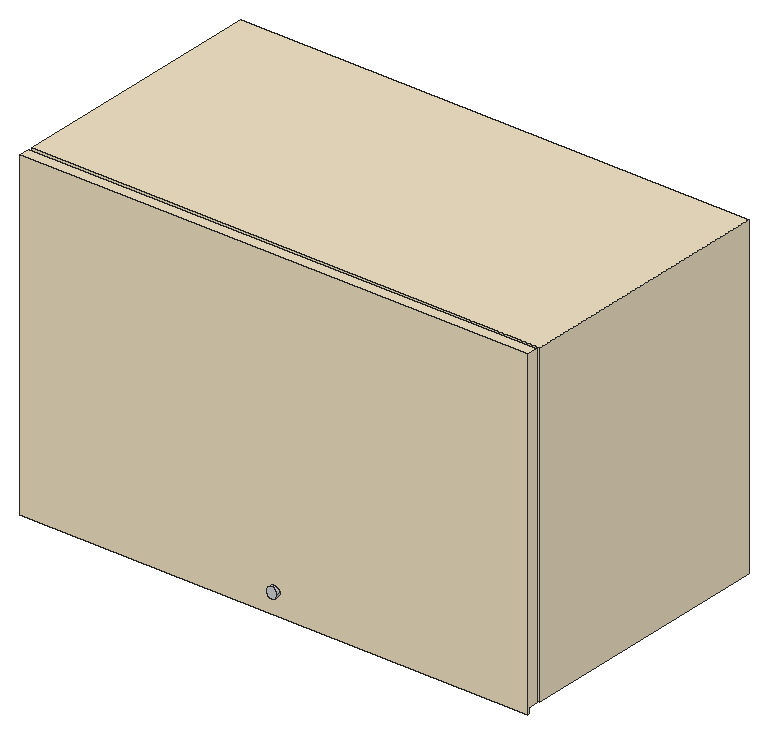
Revit family "c39ba0d08baa4a1797022e7f7becbfc0", category Furniture Systems, Revit 2021
Family settings
  Round Connector Dimension = Use Diameter
  Part Type = Normal
  OmniClass Number = 23.40.70.14.64.21
  OmniClass Title = Systems Furniture
  Work Plane-Based = No
  Always vertical = Yes
  Cut with Voids When Loaded = No
  Shared = No
  Room Calculation Point = No
Parameters (values of type "24" x 13" x 15"")
  Width = 24"
  Type Comments = "24\" x 13\" x 15\" Overhead Flip Up Cabinet"
  Model = ""
  Manufacturer = ""
  Height = 15"
  Door Material [instance] = Metal - Paint - Beige
  Description = ""
  Depth = 13"
  Default Elevation = 0"
  Cabinet Material [instance] = Metal - Paint - Beige
Reference planes (in)
  plane 1 "Center (Front/Back)": y = 13
  plane 2: z = 0
  plane 3 "Center (Left/Right)": x = 0
  plane 4 "Left": x = -12
  plane 5 "Right": x = 12
  plane 6 "Front": y = 0
  plane 7: y = 0.656
  plane 8 "Top": z = 15
  plane 9: z = -0.25
  plane 10: y = 0.531
Forms (in)
  Extrusion 1, solid, material "Metal - Paint - Beige" <- "Cabinet Material"
    sketch origin (0, 22, 0) x (1, 0, 0) y (0, 1, 0)
      loop
        line (-12, -9) -> (-12, -21.344) -> (12, -21.344) -> (12, -9) -> (-12, -9)
    from 0 to 15
  Extrusion 2, solid, material "Metal - Paint - Beige" <- "Door Material", detail levels medium+fine
    sketch origin (0, 0, 0) x (0, 1, 0) y (0, 0, 1)
      loop
        line (0.531, 0) -> (0.531, 15) -> (0, 15) -> (0, -0.25) -> (0.06, -0.25) -> (0.06, 0) -> (0.531, 0)
    from -12 to 12
  Extrusion 3, solid, material "Metal - Paint - Beige" <- "Door Material", detail levels coarse
    sketch origin (0, 13, 0) x (1, 0, 0) y (0, 0, 1)
      loop
        line (-12, -0.25) -> (12, -0.25) -> (12, 15) -> (-12, 15) -> (-12, -0.25)
    from 12.469 to 13
  Extrusion 4, solid, detail levels fine
    sketch origin (0, 0, 0) x (-1, 0, 0) y (0, 0, 1)
      loop
        circle (0, 0.75) r 0.25
    from -0.13995 to 0
Lines and regions (in)
  Masking region 1
    outline origin (0, 22, 0) x (1, 0, 0) y (0, 1, 0)
      loop
        line (-12, -9) -> (-12, -22) -> (12, -22) -> (12, -9) -> (-12, -9)
  symbolic lines, style "Storage"
    curve 1: line (-12, 0.656, 0) -> (12, 0.656, 0)
    curve 4: line (-12, 0.656, 0) -> (12, 13, 0)
  symbolic lines, style "FurnitureSystemsHiddenLines"
    curve 2: line (0, 0, 0) -> (-12, 0, 15)
    curve 3: line (0, 0, 0) -> (12, 0, 15)
Dimensions and locks (in)
  "Width": plane 4 "Left" to plane 5 "Right"
  "Depth": plane 6 "Front" to plane 1 "Center (Front/Back)"
  equal spacing: plane 4 "Left", plane 3 "Center (Left/Right)", plane 5 "Right"
  locked: plane 7 to plane 6 "Front" at 0.656
  locked: plane 6 "Front" to Extrusion 2 sketch curve at 0.06
  "Height": plane 8 "Top" to plane 2
  locked: plane 10 to plane 7 at 0.125
  plane 9 to Extrusion 3 sketch curve = 0"
  locked: plane 2 to plane 9 at 0.25
  locked: Extrusion 4 sketch curve to plane 9 at 1
  locked: plane 6 "Front" to Extrusion 4 at 0.13995
  aligned and locked: plane 1 "Center (Front/Back)" to Extrusion 1 sketch curve
  aligned and locked: Extrusion 1 sketch curve to plane 5 "Right"
  aligned and locked: plane 4 "Left" to Extrusion 1 sketch curve
  aligned and locked: plane 7 to Extrusion 1 sketch curve
  aligned: Extrusion 1 to plane 9
  aligned and locked: Extrusion 2 sketch curve to plane 6 "Front"
  aligned and locked: Extrusion 2 to plane 4 "Left"
  aligned and locked: plane 5 "Right" to Extrusion 2
  aligned and locked: level to plane 2
  aligned and locked: plane 4 "Left" to curve 1
  aligned and locked: plane 5 "Right" to curve 1
  aligned and locked: curve 1 to plane 7
  aligned and locked: Extrusion 2 sketch curve to plane 10
  aligned and locked: plane 1 "Center (Front/Back)" to Masking region 1 sketch curve
  aligned and locked: Masking region 1 sketch curve to plane 5 "Right"
  aligned and locked: plane 6 "Front" to Masking region 1 sketch curve
  aligned and locked: plane 4 "Left" to Masking region 1 sketch curve
  aligned and locked: plane 4 "Left" to Extrusion 3 sketch curve
  aligned and locked: Extrusion 3 sketch curve to plane 5 "Right"
  aligned: plane 10 to Extrusion 3
  aligned: Extrusion 3 to plane 6 "Front"
  aligned and locked: Extrusion 1 to plane 2
  aligned and locked: plane 8 "Top" to Extrusion 1
  aligned and locked: plane 8 "Top" to Extrusion 3 sketch curve
  aligned and locked: Extrusion 2 sketch curve to plane 8 "Top"
  aligned and locked: Extrusion 2 sketch curve to plane 9
  aligned and locked: Extrusion 2 sketch curve to level
  aligned and locked: Extrusion 3 to plane 9
  aligned and locked: plane 3 "Center (Left/Right)" to Extrusion 4 sketch curve
  aligned and locked: plane 6 "Front" to Extrusion 4
  aligned and locked: Extrusion 3 to plane 6 "Front"
  aligned and locked: plane 10 to Extrusion 3
  aligned and locked: plane 1 "Center (Front/Back)" to curve 4
  aligned and locked: plane 5 "Right" to curve 4
Automatic sketch dimensions
  curve 3 to plane 5 "Right" = 0"
  curve 3 to plane 3 "Center (Left/Right)" = 0"
  curve 2 to level = 0"
  curve 2 to plane 4 "Left" = 0"
  curve 3 to plane 8 "Top" = 0"
  curve 2 to plane 8 "Top" = 0"
  radius of Extrusion 4 sketch curve = 1/4"
